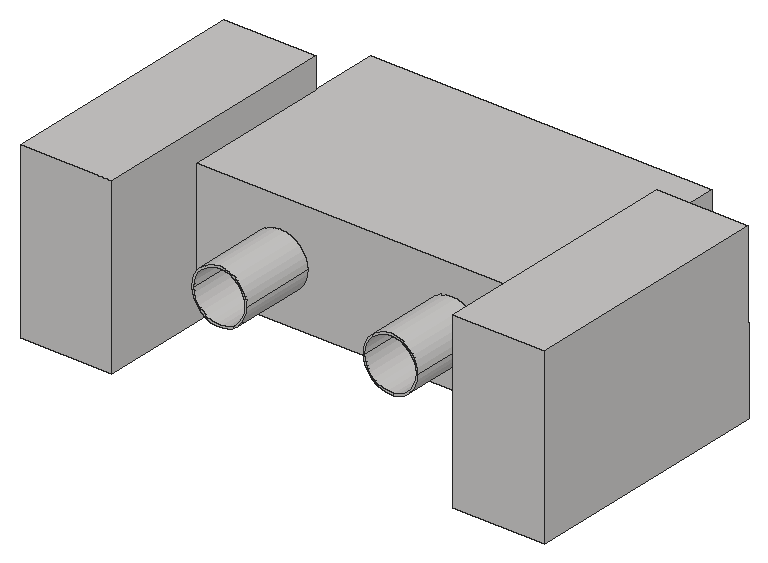
Revit family
Parameters (values of type "04"")
  Width = 2' - 0 1/8"
  Unit Weight = "38.0 lbs"
  URL = "http://www.titus-hvac.com/"
  UL = "181"
  SteriLoc Liner = Liner Option = 3  # no
  Outlet Width = Width  # 2' - 0 1/8"
  Outlet Height = Height  # 0' - 8"
  Nominal Width = Width + 1' 1"  # 3' - 1 1/8"
  Nominal Length = Length + Inlet Length  # 1' - 10 7/8"
  Nominal Inlet Size = 0' - 4"
  Nominal Height = 1' - 0 1/4"
  NFPA = "90A"
  Model = "DEDV"
  Min. Air Flow = 0 CFM
  Max. Air Flow = 225 CFM
  Material = Steel
  Manufacturer = "Titus"
  Length = 1' - 3 1/2"
  Inlet Void Radius = Inlet Radius - 0' 0 1/8"  # 0' - 1 13/16"
  Inlet Radius = Inlet Diameter / 2  # 0' - 1 15/16"
  Inlet Offset = 1' - 0 1/8"
  Inlet Length = 0' - 7 3/8"
  Inlet Diameter = Nominal Inlet Size - 0' 0 1/8"  # 0' - 3 7/8"
  Height = 0' - 8"
  Heat Air Pressure Drop [instance] = 0.00 in-wg
  Heat Air Flow [instance] = 0 CFM
  Fiber Free Liner = Liner Option = 2  # no
  Duct Radius = Nominal Inlet Size / 2  # 0' - 2"
  Design Air Flow [instance] = 0 CFM
  Description = "Dual Duct Terminal Unit, Direct Digital Control, Pressure Independent, without Integral Mixer/Attenuator"
  Liner Option = 0
  Cool Air Pressure Drop [instance] = 0.00 in-wg
  Cool Air Flow [instance] = 0 CFM
  Control Box Offset = 0' - 5 3/8"
  CADworks URL = "www.CADworks.net"
  Assembly Code = "D3040100"
  1/2" Fiberglass Liner = Liner Option = 0  # yes
  1" Fiberglass Liner = Liner Option = 1  # no
Types (11): name | Width | Unit Weight | Outlet Width | Outlet Height | Nominal Width | Nominal Length | Nominal Inlet Size | Nominal Height | Max. Air Flow | Inlet Void Radius | Inlet Radius | Inlet Offset | Inlet Length | Inlet Diameter | Height | Duct Radius | Control Box Offset
  (no name) | 2' - 0 1/8" | "38.0 lbs" | 2' - 0 1/8" | 0' - 8" | 3' - 1 1/8" | 1' - 10 7/8" | 0' - 4" | 1' - 0 1/4" | 225 CFM | 0' - 1 13/16" | 0' - 1 15/16" | 1' - 0 1/8" | 0' - 7 3/8" | 0' - 3 7/8" | 0' - 8" | 0' - 2" | 0' - 5 3/8"
  04" | 2' - 0 1/8" | "38.0 lbs" | 2' - 0 1/8" | 0' - 8" | 3' - 1 1/8" | 1' - 10 7/8" | 0' - 4" | 1' - 0 1/4" | 225 CFM | 0' - 1 13/16" | 0' - 1 15/16" | 1' - 0 1/8" | 0' - 7 3/8" | 0' - 3 7/8" | 0' - 8" | 0' - 2" | 0' - 5 3/8"
  05" | 2' - 0 1/8" | "38.0 lbs" | 2' - 0 1/8" | 0' - 8" | 3' - 1 1/8" | 1' - 10 7/8" | 0' - 5" | 1' - 0 1/4" | 350 CFM | 0' - 2 5/16" | 0' - 2 7/16" | 1' - 0 1/8" | 0' - 7 3/8" | 0' - 4 7/8" | 0' - 8" | 0' - 2 1/2" | 0' - 5 3/8"
  06" | 2' - 0 1/8" | "38.0 lbs." | 2' - 0 1/8" | 0' - 8" | 3' - 1 1/8" | 1' - 10 7/8" | 0' - 6" | 1' - 0 1/4" | 500 CFM | 0' - 2 13/16" | 0' - 2 15/16" | 1' - 0 1/8" | 0' - 7 3/8" | 0' - 5 7/8" | 0' - 8" | 0' - 3" | 0' - 3 3/8"
  07" | 2' - 0 1/8" | "42.0 lbs" | 2' - 0 1/8" | 0' - 10" | 3' - 1 1/8" | 1' - 10 7/8" | 0' - 7" | 1' - 0 1/4" | 650 CFM | 0' - 3 5/16" | 0' - 3 7/16" | 1' - 0 1/8" | 0' - 7 3/8" | 0' - 6 7/8" | 0' - 10" | 0' - 3 1/2" | 0' - 3 3/8"
  08" | 2' - 0 1/8" | "42.0 lbs" | 2' - 0 1/8" | 0' - 10" | 3' - 1 1/8" | 1' - 10 7/8" | 0' - 8" | 1' - 0 1/4" | 900 CFM | 0' - 3 13/16" | 0' - 3 15/16" | 1' - 0 1/8" | 0' - 7 3/8" | 0' - 7 7/8" | 0' - 10" | 0' - 4" | 0' - 3 3/8"
  09" | 2' - 4 1/8" | "52.0 lbs" | 2' - 4 1/8" | 1' - 0 1/2" | 3' - 5 1/8" | 1' - 8 7/8" | 0' - 9" | 1' - 0 1/2" | 1050 CFM | 0' - 4 5/16" | 0' - 4 7/16" | 1' - 2 1/8" | 0' - 5 3/8" | 0' - 8 7/8" | 1' - 0 1/2" | 0' - 4 1/2" | 0' - 3 3/8"
  10" | 2' - 4 1/8" | "52.0 lbs" | 2' - 4 1/8" | 1' - 0 1/2" | 3' - 5 1/8" | 1' - 8 7/8" | 0' - 10" | 1' - 0 1/2" | 1400 CFM | 0' - 4 13/16" | 0' - 4 15/16" | 1' - 2 1/8" | 0' - 5 3/8" | 0' - 9 7/8" | 1' - 0 1/2" | 0' - 5" | 0' - 3 3/8"
  12" | 2' - 8 1/8" | "62.0 lbs" | 2' - 8 1/8" | 1' - 3" | 3' - 9 1/8" | 1' - 8 7/8" | 1' - 0" | 1' - 3" | 2000 CFM | 0' - 5 13/16" | 0' - 5 15/16" | 1' - 4 1/8" | 0' - 5 3/8" | 0' - 11 7/8" | 1' - 3" | 0' - 6" | 0' - 3 3/8"
  14" | 3' - 4 1/8" | "78.0 lbs" | 3' - 4 1/8" | 1' - 5 1/2" | 4' - 5 1/8" | 1' - 6 7/8" | 1' - 2" | 1' - 5 1/2" | 3000 CFM | 0' - 6 13/16" | 0' - 6 15/16" | 1' - 8 1/8" | 0' - 3 3/8" | 1' - 1 7/8" | 1' - 5 1/2" | 0' - 7" | 0' - 3 3/8"
  16" | 4' - 0 1/8" | "86.0 lbs" | 4' - 0 1/8" | 1' - 5 1/2" | 5' - 1 1/8" | 1' - 6 7/8" | 1' - 4" | 1' - 6" | 4000 CFM | 0' - 7 13/16" | 0' - 7 15/16" | 2' - 0 1/8" | 0' - 3 3/8" | 1' - 3 7/8" | 1' - 5 1/2" | 0' - 8" | 0' - 3 3/8"
Reference planes (in)
  plane 1 "Center (Front/Back)": y = 0
  plane 2: z = 0
  plane 3 "Center (Left/Right)": x = 0
  plane 4: y = 7.75
  plane 5: y = -7.75
  plane 6: x = 12.0625
  plane 7: x = -12.0625
  plane 8: z = 4
  plane 9: z = -4
  plane 10: y = -15.125
  plane 11: x = -6.0625
  plane 12: x = 6.0625
  plane 13: y = -13.125
  plane 14: x = 18.5625
  plane 15: x = -18.5625
  plane 16: z = 6.125
  plane 17: z = -6.125
Forms (in)
  Extrusion 1, solid, material "Steel" <- "Material"
    sketch origin (33, 0, -4) x (1, 0, 0) y (0, 1, 0)
      loop
        line (-45.0625, 7.75) -> (-45.0625, -7.75) -> (-20.9375, -7.75) -> (-20.9375, 7.75) -> (-45.0625, 7.75)
    from 0 to 8
  Extrusion 2, solid, material "Steel" <- "Material"
    sketch origin (4.46221, 44.62435, -28.76939) x (1, 0, 0) y (0, 0, 1)
      loop
        line (7.60029, 34.89439) -> (7.60029, 22.64439) -> (14.10029, 22.64439) -> (14.10029, 34.89439) -> (7.60029, 34.89439)
    from 41.74935 to 59.74935
  Extrusion 3, solid, material "Steel" <- "Material"
    sketch origin (13.94938, 6.875, -28.76939) x (-1, 0, 0) y (0, 0, -1)
      loop
        line (26.01188, -34.89439) -> (32.51188, -34.89439) -> (32.51188, -22.64439) -> (26.01188, -22.64439) -> (26.01188, -34.89439)
    from 4 to 22
  Extrusion 4, solid, material "Steel" <- "Material"
    sketch origin (12, -16.75, 0) x (1, 0, 0) y (0, 0, 1)
      loop
        circle (-18.0625, 0) r 1.9375
    from -9 to -3.625
  Extrusion 5, solid, material "Steel" <- "Material"
    sketch origin (12.125, -7.75, 0) x (1, 0, 0) y (0, 0, 1)
      loop
        circle (-6.0625, 0) r 1.9375
    from 0 to 5.375
  Extrusion 6, void
    sketch origin (0, 0, 0) x (1, 0, 0) y (0, 0, 1)
      loop
        circle (-6.0625, 0) r 1.8125
    from 1.125 to 13.125
  Extrusion 7, void
    sketch origin (0, 0, 0) x (1, 0, 0) y (0, 0, 1)
      loop
        circle (6.0625, 0) r 1.8125
    from 1.125 to 13.125
Cuts and joins
  Extrusion 6, Extrusion 7 cuts Extrusion 1
  Extrusion 6 cuts Extrusion 4
  Extrusion 7 cuts Extrusion 5
Dimensions and locks (in)
  "Height": plane 8 to plane 9
  equal spacing: plane 8, plane 2, plane 9
  "Width": plane 7 to plane 6
  equal spacing: plane 7, plane 3 "Center (Left/Right)", plane 6
  "Length": plane 4 to plane 5
  equal spacing: plane 4, plane 1 "Center (Front/Back)", plane 5
  locked: Extrusion 2 to Extrusion 2 at 18
  locked: Extrusion 2 sketch curve to Extrusion 2 sketch curve at 6.5
  locked: Extrusion 2 sketch curve to Extrusion 2 sketch curve at 12.25
  equal spacing: Extrusion 2 sketch curve, plane 2, Extrusion 2 sketch curve
  locked: Extrusion 3 to Extrusion 3 at 18
  locked: Extrusion 3 sketch curve to Extrusion 3 sketch curve at 6.5
  locked: Extrusion 3 sketch curve to Extrusion 3 sketch curve at 12.25
  equal spacing: Extrusion 3 sketch curve, plane 2, Extrusion 3 sketch curve
  "Inlet Length": plane 5 to plane 10
  "Inlet Offset": plane 12 to plane 11
  equal spacing: plane 12, plane 3 "Center (Left/Right)", plane 11
  "Control Box Offset": plane 5 to plane 13
  "Inlet Radius": plane 11 to cut or joined group of Extrusion 4, Extrusion 6
  "Inlet Radius": plane 12 to cut or joined group of Extrusion 5, Extrusion 7
  "Inlet Radius": radius of Extrusion 4 sketch curve
  "Inlet Radius": radius of Extrusion 5 sketch curve
  "Inlet Void Radius": radius of Extrusion 6 sketch curve
  "Inlet Void Radius": radius of Extrusion 7 sketch curve
  aligned and locked: plane 4 to Extrusion 1
  aligned and locked: plane 7 to Extrusion 1
  aligned and locked: plane 5 to Extrusion 1
  aligned and locked: plane 6 to Extrusion 1
  aligned and locked: plane 8 to Extrusion 1
  aligned and locked: plane 9 to Extrusion 1
  aligned and locked: plane 10 to Extrusion 2
  aligned and locked: plane 10 to Extrusion 3
  aligned and locked: plane 13 to Extrusion 4
  aligned and locked: plane 5 to Extrusion 4
  aligned and locked: plane 13 to Extrusion 5
  aligned and locked: plane 5 to Extrusion 5
  aligned and locked: Extrusion 6 to plane 13
  aligned and locked: plane 13 to cut or joined group of Extrusion 4, Extrusion 6
  aligned and locked: plane 13 to cut or joined group of Extrusion 5, Extrusion 7  (x2)
  aligned and locked: Extrusion 7 to plane 13
  aligned and locked: Extrusion 2 to cut or joined group of Extrusion 1, Extrusion 6, Extrusion 7
  aligned and locked: plane 6 to cut or joined group of Extrusion 1, Extrusion 6, Extrusion 7
  aligned and locked: Extrusion 3 to cut or joined group of Extrusion 1, Extrusion 6, Extrusion 7
  aligned and locked: cut or joined group of Extrusion 1, Extrusion 6, Extrusion 7 to plane 7
Automatic sketch dimensions
  Extrusion 1 sketch curve to plane 5 = 0' - 0"
  plane 7 to Extrusion 1 sketch curve = 0' - 0"
  plane 6 to Extrusion 1 sketch curve = 0' - 0"
  Extrusion 1 sketch curve to plane 4 = 0' - 0"
  plane 6 to Extrusion 2 sketch curve = 0' - 0"
  Extrusion 3 sketch curve to plane 7 = 0' - 0"
  Extrusion 4 sketch curve to level = 0' - 0"
  Extrusion 4 sketch curve to plane 11 = 0' - 0"
  Extrusion 5 sketch curve to level = 0' - 0"
  Extrusion 5 sketch curve to plane 12 = 0' - 0"
  Extrusion 6 sketch curve to level = 0' - 0"
  Extrusion 6 sketch curve to plane 11 = 0' - 0"
  Extrusion 7 sketch curve to level = 0' - 0"
  Extrusion 7 sketch curve to plane 12 = 0' - 0"
Connectors (in)
  hvac at (-6.0625, -13.125, 0), driven by "Duct Radius", driven by "Heat Air Pressure Drop", driven by "Heat Air Flow"
    settings: on cut or joined group of Extrusion 4, Extrusion 6, index 1
  hvac at (6.0625, -13.125, 0), driven by "Duct Radius", driven by "Cool Air Pressure Drop", driven by "Cool Air Flow"
    settings: on cut or joined group of Extrusion 5, Extrusion 7, index 2
  hvac at (0, 7.75, 0), driven by "Outlet Height", driven by "Outlet Width", driven by "Design Air Flow"
    settings: on cut or joined group of Extrusion 1, Extrusion 6, Extrusion 7, index 3
